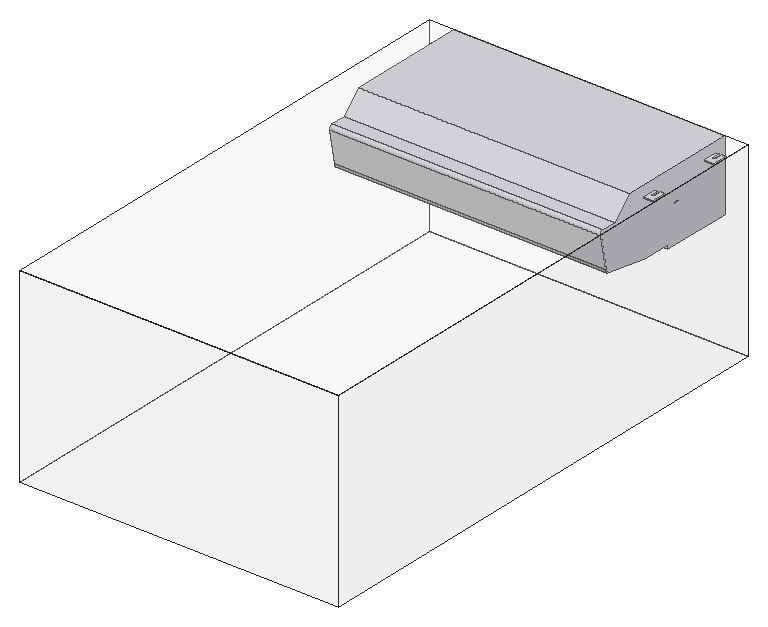
Revit family "pcfy-mp80_140hm_60hz", category 機械設備, Revit 2019
Family settings
  丸型コネクタ寸法 = 直径を使用
  パーツ タイプ = 標準
  OmniClass 番号 = 23.75.10.24.21.27.27
  OmniClass タイトル = Split System Air Conditioning Units
  作業面ベース = いいえ
  常に垂直 = はい
  ロード時にボイドで切り取り = いいえ
  共有 = いいえ
  部屋計算ポイント = はい
Parameters (values of type "PCFY-MP80HM")
  風量_強 (m3/min) = 19
  風量_弱 (m3/min) = 14
  風量_中2 (m3/min) = 16
  風量_中 (m3/min) = 17
  風量 = MAX風量  # 1140.0 m³/h
  音響パワーレベル(dB) = 57
  電源種別 = ""
  電源_H = 0 mm
  電圧 = 200 V
  電動機出力_送風機 = 0.09 kW
  運転質量 = 0.00 kg
  連動 = ""
  質量 = if(製品質量 > 運転質量, 製品質量, 運転質量) * 1.2  # 46.80 kg
  負荷分類 = 3_ファン類
  構成品番 = ""
  冷媒液管位置 = 180 mm
  冷媒ガス管位置 = 202 mm
  ドレン管径 (外径) = 32 mm
  【値が 0 の項目は組合せ形名にてご確認ください】 = ""
  MIN風量 = [風量_弱 (m3/min)] * 60.0 m³/h  # 840.0 m³/h
  MAX風量 = [風量_強 (m3/min)] * 60.0 m³/h  # 1140.0 m³/h
  サービススペース = yes
  ケーブルサイズ = 0 mm
  Version = ""
  URL = "https://www.mitsubishielectric.co.jp/ldg/wink/qr/002/357217/"
  Line = not(Width = 1136 mm)  # no
  説明 = "ビル用マルチ 天吊形室内機(厨房用)"
  設計暖房能力 = 0.00 kW
  設計冷房能力_顕熱 = 0 kW
  設計冷房能力 = 0 kW
  設置方法 = "天井吊（露出）形"
  記号 = ""
  製造元 = "三菱電機株式会社"
  製品質量 = 39.00 kg
  製品出荷対象 = "国内"
  製品リリース年月 = "2026/03/31"
  製品グループ = ""
  系統 = ""
  符号 = "ACP_CRK"
  積算_科目 = "1 空気調和設備"
  積算_拾い区分 [instance] = ""
  相 = 1
  盤記号 = ""
  発停方法 = "別売リモコン"
  特殊仕様 = ""
  火災停止 = ""
  消費電力_暖房 = 0.05 kW
  消費電力_冷房 = 0.05 kW
  消費電力 = if(消費電力_冷房 > 消費電力_暖房, 消費電力_冷房, 消費電力_暖房)  # 0.05 kW
  法定耐用年数 = "6"
  極数 = 3
  材質 = ""
  本体マテリアル = none
  有効加湿量 = 0
  暖房能力 = 9.00 kW
  推奨ブレーカー容量 = 0 A
  形式_加湿器 = ""
  形式 = "厨房用天井吊（露出）形"
  幹線記号 = ""
  始動方式 = "インバータ"
  呼称 = "マルチパッケージ形空気調和機_屋内機"
  周波数 = 60 Hz
  吊り位置Y = 320 mm
  吊り位置X = 1180 mm
  吊りボルト_H = 43 mm
  台数_手元リモコン = ""
  台数_冷媒分岐ユニット = ""
  参照している仕様書等のバージョン = "公共建築工事標準仕様書（機械設備工事編）平成31年度版"
  加湿給水管径 = 0.00 mm
  分類コード = "50053003221080"
  分類グループ = ""
  冷房能力 = 8 kW
  冷媒高低圧ガス管径 = 0.00 mm
  冷媒管径符号 = "Bd"
  冷媒管径 = 100.00 mm
  冷媒液管高さ = 165 mm
  冷媒液管径 = 9.52 mm
  冷媒ガス管高さ = 165 mm
  冷媒ガス管径 = 15.88 mm
  企業コード = "108420"
  付属品_フィルター = ""
  付属品 = ""
  モデル = "PCFY-MP80HM"
  パネルマテリアル = none
  ドレン管高さ = 254 mm
  ドレン管径 = 25.00 mm
  コメント [instance] = ""
  ケーブル種類 = ""
  Width = 1136 mm
  Uniclass2015Version = "Systems v1.9"
  Uniclass2015Title = "Split coil remote air cooled condensing units"
  Uniclass2015Code = "Pr_70_65_03_84"
  SpecificationReference = ""
  SpecificationDescription = ""
  S_H = 296 mm
  Revision = ""
  ProductInformation = ""
  OmniClassCode = "23-33 17 13 11"
  IfcTypeProduct = ""
  IfcProduct = ""
  IfcExportType = "AIRCONDITIONINGUNIT"
  IfcExportAs = "IfcUnitaryEquipmentType"
  Height = 312 mm
  Depth = 650 mm
  価格 = 0
  Clearance Top = 2 mm
  Clearance Right = 100 mm
  Clearance Left = 100 mm
  Clearance Front = 1500 mm
  Clearance Bottom = 500 mm
  Clearance Back = 0 mm
  BLCJ仕様バージョン = "2.0"
  Author = "三菱電機株式会社"
Types (2, lengths in mm): name | 風量_強 (m3/min) | 風量_弱 (m3/min) | 風量_中2 (m3/min) | 風量_中 (m3/min) | 風量 | 音響パワーレベル(dB) | 電動機出力_送風機 | 質量 | MIN風量 | MAX風量 | URL | Line | 製品質量 | 消費電力_暖房 | 消費電力_冷房 | 消費電力 | 暖房能力 | 吊り位置X | 冷房能力 | モデル | Width
  PCFY-MP80HM | 19 | 14 | 16 | 17 | 1140.0 m³/h | 57 | 0.09 kW | 46.80 kg | 840.0 m³/h | 1140.0 m³/h | "https://www.mitsubishielectric.co.jp/ldg/wink/qr/002/357217/" | no | 39.00 kg | 0.05 kW | 0.05 kW | 0.05 kW | 9.00 kW | 1180 | 8 kW | "PCFY-MP80HM" | 1136
  PCFY-MP140HM | 38 | 28 | 31 | 35 | 2280.0 m³/h | 69 | 0.16 kW | 62.40 kg | 1680.0 m³/h | 2280.0 m³/h | "https://www.mitsubishielectric.co.jp/ldg/wink/qr/002/357214/" | yes | 52.00 kg | 0.19 kW | 0.19 kW | 0.19 kW | 16.00 kW | 1564 | 14 kW | "PCFY-MP140HM" | 1520
Reference planes
  plane 1 "中心(正面/背面)": y = 0
  plane 2: z = 0
  plane 3 "中心(左/右)": x = 0
  plane 4: x = 523
  plane 5: z = 3835
  plane 6: x = 438
  plane 7: z = 3835
  plane 8: x = 463
  plane 9: z = 3746
  plane 10: x = 668
  plane 11: x = 568
  plane 12: x = -668
  plane 13: x = -568
  plane 14: y = -650
  plane 15: z = -280
  plane 16: y = -2150
  plane 17: x = -590
  plane 18: x = 590
  plane 19: z = -796
  plane 20 "下面": z = -296
  plane 21: x = 558.3
  plane 22: y = -80
  plane 23: y = -400
  plane 24: y = -330
  plane 25: y = -202
  plane 26: y = -180
  plane 27: y = -70
  plane 28: z = -43
  plane 29: z = -165
  plane 30: z = -254
  plane 31: x = 523
  plane 32: x = 438
  plane 33: x = 463
  plane 34: x = 463
  plane 35: z = 3746
  plane 36: z = 2
  plane 37: z = -95
  plane 38: z = -165
  plane 39: z = -312
Forms (mm)
  Extrusion 1, solid, detail levels fine
    sketch origin (0, -325, -4000) x (0, 1, 0) y (0, 0, 1)
      loop
        line (325, 4000) -> (-171.734, 4000) -> (-246.938, 3924.796) -> (-313.202, 3924.796)
        arc (-313.202, 3924.796) -> (-322.395, 3920.509) -> (-325.02, 3910.712) r 12
        line (-325.02, 3910.712) -> (-299.97, 3768.648)
        arc (-299.97, 3768.648) -> (-294.972, 3759.046) -> (-285.369, 3754.047) r 18
        line (-285.369, 3754.047) -> (-92.277, 3720) -> (30.069, 3720) -> (30.069, 3704) -> (325, 3704) -> (325, 4000)
    from -568 to 568
  Extrusion 2, solid, detail levels fine
    sketch origin (0, 0, 0) x (0, 0, -1) y (-1, 0, 0)
      loop
        circle (166.005, -523) r 7.94
    from -325 to -197
  Extrusion 3, solid, detail levels fine
    sketch origin (0, 0, 0) x (0, 0, -1) y (-1, 0, 0)
      loop
        circle (166.005, -438) r 4.76
    from -180 to -325
  Extrusion 4, solid, detail levels fine
    sketch origin (0, 0, 0) x (0, 0, -1) y (-1, 0, 0)
      loop
        circle (255.005, -463) r 16
    from -70 to -325
  Extrusion 5, solid, detail levels fine
    sketch origin (0, 0, -4000) x (1, 0, 0) y (0, 1, 0)
      loop
        line (568, -370) -> (568, -430) -> (612, -430) -> (612, -370) -> (595, -370) -> (595, -400)
        arc (595, -400) -> (590, -405) -> (585, -400) r 5
        line (585, -400) -> (585, -370) -> (568, -370)
    from 3954.5 to 3959.5
  Extrusion 6, solid, detail levels fine
    sketch origin (0, 320, -4000) x (1, 0, 0) y (0, 1, 0)
      loop
        line (568, -370) -> (568, -430) -> (612, -430) -> (612, -370) -> (595, -370) -> (595, -400)
        arc (595, -400) -> (590, -405) -> (585, -400) r 5
        line (585, -400) -> (585, -370) -> (568, -370)
    from 3954.5 to 3959.5
  Extrusion 7, solid, detail levels fine
    sketch origin (-1180, 0, -4000) x (1, 0, 0) y (0, 1, 0)
      loop
        line (568, -370) -> (568, -430) -> (612, -430) -> (612, -370) -> (595, -370) -> (595, -400)
        arc (595, -400) -> (590, -405) -> (585, -400) r 5
        line (585, -400) -> (585, -370) -> (568, -370)
    from 3954.5 to 3959.5
  Extrusion 8, solid, detail levels fine
    sketch origin (-1180, 320, -4000) x (1, 0, 0) y (0, 1, 0)
      loop
        line (568, -370) -> (568, -430) -> (612, -430) -> (612, -370) -> (595, -370) -> (595, -400)
        arc (595, -400) -> (590, -405) -> (585, -400) r 5
        line (585, -400) -> (585, -370) -> (568, -370)
    from 3954.5 to 3959.5
  Extrusion 9, solid, detail levels fine
    sketch origin (-3.482, 0, 0) x (1, 0, 0) y (0, 0, 1)
      loop
        circle (483.982, -165) r 50
    from 0 to 5
  Extrusion 10, solid, detail levels fine
    sketch origin (0, 160, 0) x (0, 0, -1) y (-1, 0, 0)
      loop
        circle (254.005, -463) r 16
    from -290 to -160
  Extrusion 11, solid
    sketch origin (0, 0, -296) x (-1, 0, 0) y (0, -1, 0)
      loop
        circle (-192, 243) r 12.5
    from 0 to -16
  Extrusion 12, solid
    sketch origin (-384, 0, -296) x (-1, 0, 0) y (0, -1, 0)
      loop
        circle (-192, 243) r 12.5
    from 0 to -16
Lines and regions (mm)
  model lines, detail levels fine
    curve 1: line (-493, -647.647, -102.744) -> (-493, -628.546, -211.073)
    curve 2: line (493, -647.647, -102.744) -> (493, -628.546, -211.073)
    curve 3: line (-493, -647.647, -102.744) -> (493, -647.647, -102.744)
    curve 4: line (493, -628.546, -211.073) -> (-493, -628.546, -211.073)
Dimensions and locks
  equal spacing: plane 13, plane 3 "中心(左/右)", plane 11
  "Width": plane 13 to plane 11
  "Clearance Right": plane 11 to plane 10
  "Clearance Left": plane 12 to plane 13
  "Depth": plane 14 to plane 1 "中心(正面/背面)"
  "Clearance Front": plane 16 to plane 14
  equal spacing: plane 17, plane 3 "中心(左/右)", plane 18
  "吊り位置X": plane 17 to plane 18
  "S_H": level to plane 20 "下面"
  locked: plane 21 to plane 11 at 9.7
  locked: plane 22 to plane 1 "中心(正面/背面)" at 80
  "吊り位置Y": plane 22 to plane 23
  "冷媒液管位置": plane 26 to plane 1 "中心(正面/背面)"  (x2)
  "冷媒ガス管位置": plane 25 to plane 1 "中心(正面/背面)"  (x2)
  plane 24 to plane 25 = 128 mm
  plane 24 to plane 26 = 150 mm
  "Clearance Bottom": plane 20 "下面" to plane 19
  "吊りボルト_H": level to plane 28
  level to plane 29 = 165 mm
  level to plane 30 = 254 mm
  plane 31 to plane 11 = 45 mm
  plane 32 to plane 31 = 85 mm
  plane 33 to plane 11 = 105 mm
  "Clearance Back": plane 1 "中心(正面/背面)" to nested 1
  equal spacing: plane 32, Extrusion 9 sketch curve, plane 31
  "Clearance Top": plane 36 to plane 2
  "冷媒ガス管高さ": plane 2 to plane 29
  "冷媒液管高さ": Extrusion 1 to plane 38
  "Height": plane 2 to plane 39
  "冷媒液管径": diameter of Extrusion 3 sketch curve
  "冷媒ガス管径": diameter of Extrusion 2 sketch curve
  "ドレン管径 (外径)": diameter of Extrusion 4 sketch curve
  "ドレン管径 (外径)": diameter of Extrusion 10 sketch curve
  aligned and locked: level to plane 2
  aligned and locked: plane 11 to Extrusion 1
  aligned and locked: plane 13 to Extrusion 1
  aligned and locked: plane 12 to nested 1
  aligned and locked: nested 1 to plane 10
  aligned and locked: plane 17 to nested 2
  aligned and locked: nested 2 to plane 18
  aligned and locked: plane 20 "下面" to Extrusion 1
  aligned and locked: plane 21 to nested 3
  aligned and locked: nested 1 to plane 16
  aligned and locked: plane 22 to nested 2
  aligned and locked: plane 23 to nested 2
  aligned and locked: plane 1 "中心(正面/背面)" to nested 1
  aligned and locked: plane 36 to nested 1
  aligned and locked: plane 26 to Extrusion 3
  aligned and locked: plane 19 to nested 1
  aligned and locked: Extrusion 1 to nested 3
Automatic sketch dimensions
  Extrusion 1 sketch curve to level = 0 mm
  Extrusion 1 sketch curve to plane 15 = 0 mm
  Extrusion 1 sketch curve to plane 20 "下面" = 0 mm
  Extrusion 1 sketch curve to plane 1 "中心(正面/背面)" = 0 mm
  plane 24 to Extrusion 1 sketch curve = 35.069 mm
  Extrusion 1 sketch curve to plane 23 = 17.277 mm
  Extrusion 1 sketch curve to plane 23 = 96.734 mm
  plane 37 to Extrusion 1 sketch curve = 19.796 mm
  plane 14 to Extrusion 1 sketch curve = 78.062 mm
  plane 14 to Extrusion 1 sketch curve = 42.756 mm
  plane 30 to Extrusion 1 sketch curve = 8.047 mm
  Extrusion 1 sketch curve to Extrusion 1 sketch curve = 3.126 mm
  Extrusion 1 sketch curve to Extrusion 1 sketch curve = 17.727 mm
  plane 14 to Extrusion 1 sketch curve = 11.798 mm
  Extrusion 1 sketch curve to plane 14 = 0.02 mm
  Extrusion 1 sketch curve to Extrusion 1 sketch curve = 14.601 mm
  plane 37 to Extrusion 1 sketch curve = 5.712 mm
  Extrusion 1 to curve 3 = 13.664 mm
  curve 2 to Extrusion 1 = 20.591 mm
  Extrusion 1 to curve 1 = 75 mm
  Extrusion 1 to curve 3 = 75 mm
  Extrusion 5 sketch curve to plane 11 = 0 mm
  Extrusion 5 sketch curve to plane 23 = 0 mm
  Extrusion 5 sketch curve to plane 18 = 0 mm
  plane 18 to Extrusion 5 sketch curve = 5 mm
  Extrusion 5 sketch curve to plane 18 = 22 mm
  Extrusion 5 sketch curve to plane 23 = 30 mm
  plane 23 to Extrusion 5 sketch curve = 30 mm
  Extrusion 5 sketch curve to Extrusion 5 sketch curve = 0 mm
  Extrusion 6 sketch curve to plane 11 = 0 mm
  Extrusion 6 sketch curve to plane 22 = 0 mm
  Extrusion 6 sketch curve to plane 18 = 0 mm
  plane 18 to Extrusion 6 sketch curve = 5 mm
  Extrusion 6 sketch curve to plane 18 = 22 mm
  Extrusion 6 sketch curve to plane 22 = 30 mm
  plane 27 to Extrusion 6 sketch curve = 20 mm
  Extrusion 6 sketch curve to Extrusion 6 sketch curve = 0 mm
  Extrusion 7 sketch curve to plane 23 = 0 mm
  Extrusion 7 sketch curve to plane 17 = 0 mm
  Extrusion 7 sketch curve to plane 13 = 0 mm
  Extrusion 7 sketch curve to plane 17 = 5 mm
  Extrusion 7 sketch curve to plane 17 = 22 mm
  Extrusion 7 sketch curve to plane 23 = 30 mm
  plane 23 to Extrusion 7 sketch curve = 30 mm
  Extrusion 7 sketch curve to Extrusion 7 sketch curve = 0 mm
  Extrusion 8 sketch curve to plane 22 = 0 mm
  Extrusion 8 sketch curve to plane 17 = 0 mm
  Extrusion 8 sketch curve to plane 13 = 0 mm
  Extrusion 8 sketch curve to plane 17 = 5 mm
  Extrusion 8 sketch curve to plane 17 = 22 mm
  Extrusion 8 sketch curve to plane 22 = 30 mm
  plane 27 to Extrusion 8 sketch curve = 20 mm
  Extrusion 8 sketch curve to Extrusion 8 sketch curve = 0 mm
  Extrusion 9 sketch curve to plane 29 = 0 mm
  Extrusion 12 sketch curve to plane 3 "中心(左/右)" = 192 mm
  plane 3 "中心(左/右)" to Extrusion 11 sketch curve = 192 mm
  Extrusion 11 sketch curve to plane 25 = 41 mm
  Extrusion 12 sketch curve to plane 25 = 41 mm
  Extrusion 1 to Extrusion 2 sketch curve = 45 mm
  Extrusion 2 sketch curve to Extrusion 1 = 129.995 mm
  Extrusion 3 sketch curve to Extrusion 1 = 129.995 mm
  Extrusion 1 to Extrusion 3 sketch curve = 130 mm
  Extrusion 4 sketch curve to Extrusion 1 = 40.995 mm
  Extrusion 1 to Extrusion 4 sketch curve = 105 mm
  plane 33 to Extrusion 10 sketch curve = 0 mm
  Extrusion 10 sketch curve to plane 30 = 0.005 mm
  radius of Extrusion 9 sketch curve = 50 mm
  radius of Extrusion 11 sketch curve = 12.5 mm
  radius of Extrusion 12 sketch curve = 12.5 mm
Nested families
  nested 1: "サービススペース" at (0, -1075, -397), visible <- "サービススペース", type "サービススペース"
    with Width 1336 mm, Height 798 mm, Depth 2150 mm
  nested 2: "固定点" at (-590, -400, 0), type "固定点"
    with W 1180 mm, D 320 mm
  nested 3: "吸込口" at (-192, 0, -4000), Width <- "Width", type "吸込口"
    with Width 1136 mm, Line no
Connectors
  piping at (480.5, 0, -165), diameter 100, driven by "冷媒管径", driven by "冷媒管径符号"
    settings: on Extrusion 9, index 1, connector inside diameter 609.60 mm, connector length 0 mm, flow factor 0, pipe flow 0.0 L/s, pressure drop 0.0 Pa, fitting loss kfactor 0, connector angle 0.00°, fixture units 0, engagement length 0 mm, angle of deflection 0.00°, flow configuration 1, flow direction 1, fitting loss method 4, system type 7, joint type 0, gender type 0, connector reference index -1, connector utility 0, adjustable connector no, is connector primary yes, connector description "Bd"
  piping at (463, -130, -254.005), diameter 32, driven by "ドレン管径 (外径)"
    settings: on Extrusion 10, index 2, connector inside diameter 609.60 mm, connector length 0 mm, flow factor 0, pipe flow 0.0 L/s, pressure drop 0.0 Pa, fitting loss kfactor 0, connector angle 0.00°, fixture units 0, engagement length 0 mm, angle of deflection 0.00°, flow configuration 1, flow direction 2, fitting loss method 4, system type 16, joint type 0, gender type 0, connector reference index -1, connector utility 0, adjustable connector no, is connector primary no, connector description ""
  electrical at (0, 0, -148), driven by "極数", driven by "負荷分類", driven by "電圧", driven by "消費電力"
    settings: on Extrusion 1, index 3, voltage 200 V, apparent load 50 VA, apparent load phase1 0 VA, apparent load phase2 0 VA, apparent load phase3 0 VA, power factor 1, load classification "3_ファン類", number of poles 3, system type 30, power factor state 1, is connector primary yes, connector utility no, sub classification motor no, connector description ""
Definition of nested family "サービススペース"
  Parameters (values of type "サービススペース")
    Width [instance] = 500 mm
    Height [instance] = 500 mm
    Depth [instance] = 500 mm
  Reference planes
    plane 1 "中心(正面/背面)": y = 0
    plane 2: z = 0
    plane 3 "中心(左/右)": x = 0
    plane 4: y = -250
    plane 5: x = 250
    plane 6: y = 250
    plane 7: x = -250
    plane 8: z = 250
    plane 9: z = -250
  Forms (mm)
    Extrusion 1, solid
      sketch origin (-638.939, 0, 72.39) x (1, 0, 0) y (0, 1, 0)
        loop
          line (388.939, 250) -> (388.939, -250) -> (888.939, -250) -> (888.939, 250) -> (388.939, 250)
      from -322.39 to 177.61
  Lines and regions (mm)
    symbolic lines
      curve 1: line (-250, 0, 250) -> (250, 0, 250)
      curve 2: line (-250, 0, -250) -> (-250, 0, 250)
      curve 3: line (250, 0, -250) -> (-250, 0, -250)
      curve 4: line (250, 0, 250) -> (250, 0, -250)
      curve 5: line (0, -250, 250) -> (0, 250, 250)
      curve 6: line (0, -250, -250) -> (0, -250, 250)
      curve 7: line (0, 250, -250) -> (0, -250, -250)
      curve 8: line (0, 250, 250) -> (0, 250, -250)
      curve 9: line (-250, 250, 0) -> (250, 250, 0)
      curve 10: line (-250, -250, 0) -> (-250, 250, 0)
      curve 11: line (250, -250, 0) -> (-250, -250, 0)
      curve 12: line (250, 250, 0) -> (250, -250, 0)
  Dimensions and locks
    equal spacing: plane 7, plane 3 "中心(左/右)", plane 5
    equal spacing: plane 4, plane 1 "中心(正面/背面)", plane 6
    "Depth": plane 4 to plane 6
    "Width": plane 7 to plane 5
    equal spacing: plane 8, plane 2, plane 9
    "Height": plane 8 to plane 9
    aligned and locked: plane 9 to curve 3
    aligned and locked: plane 7 to curve 2
    aligned and locked: curve 4 to plane 5
    aligned and locked: plane 5 to Extrusion 1
    aligned and locked: Extrusion 1 to plane 7
    aligned and locked: Extrusion 1 to plane 9
    aligned and locked: plane 8 to Extrusion 1
    aligned and locked: plane 9 to curve 7
  Automatic sketch dimensions
    plane 4 to Extrusion 1 sketch curve = 0 mm
    Extrusion 1 sketch curve to plane 7 = 0 mm
    Extrusion 1 sketch curve to plane 5 = 0 mm
    plane 6 to Extrusion 1 sketch curve = 0 mm
    curve 2 to plane 8 = 0 mm
    plane 4 to curve 11 = 0 mm
    curve 11 to plane 7 = 0 mm
    curve 11 to plane 5 = 0 mm
    plane 6 to curve 10 = 0 mm
    curve 7 to plane 4 = 0 mm
    curve 7 to plane 6 = 0 mm
    curve 6 to plane 8 = 0 mm
Definition of nested family "固定点"
  Parameters (values of type "固定点")
    中心円 = 20 mm
    W [instance] = 1000 mm
    D [instance] = 1000 mm
  Reference planes
    plane 1 "中心(正面/背面)": y = 0
    plane 2: z = 0
    plane 3 "中心(左/右)": x = 0
    plane 4: x = 1000
    plane 5: y = 1000
  Lines and regions (mm)
    symbolic lines, detail levels fine
      curve 1: circle (0, 1000, 0) r 10 normal (0, 0, 1)
      curve 2: circle (0, 0, 0) r 10 normal (0, 0, 1)
      curve 3: circle (1000, 1000, 0) r 10 normal (0, 0, 1)
      curve 4: circle (1000, 0, 0) r 10 normal (0, 0, 1)
      curve 5: line (-200, 1000, 0) -> (1200, 1000, 0)
      curve 6: line (-200, 0, 0) -> (1200, 0, 0)
      curve 7: line (0, 1200, 0) -> (0, -200, 0)
      curve 8: line (1000, 1200, 0) -> (1000, -200, 0)
  Dimensions and locks
    "W": plane 3 "中心(左/右)" to plane 4
    "D": plane 1 "中心(正面/背面)" to plane 5
    "中心円": diameter of curve 1
    "中心円": diameter of curve 2
    "中心円": diameter of curve 3
    "中心円": diameter of curve 4
    aligned and locked: level to plane 2
    aligned and locked: plane 5 to curve 1
    aligned and locked: plane 3 "中心(左/右)" to curve 1
    aligned and locked: plane 3 "中心(左/右)" to curve 2
    aligned and locked: plane 1 "中心(正面/背面)" to curve 2
    aligned and locked: plane 4 to curve 3
    aligned and locked: plane 5 to curve 3
    aligned and locked: plane 1 "中心(正面/背面)" to curve 4
    aligned and locked: plane 4 to curve 4
    aligned and locked: plane 1 "中心(正面/背面)" to curve 6
    aligned and locked: curve 7 to plane 3 "中心(左/右)"
    aligned and locked: curve 8 to plane 4
  Automatic sketch dimensions
    curve 5 to plane 5 = 0 mm
    curve 6 to plane 3 "中心(左/右)" = 200 mm
    curve 5 to plane 3 "中心(左/右)" = 200 mm
    curve 4 to curve 6 = 200 mm
    curve 3 to curve 5 = 200 mm
    plane 1 "中心(正面/背面)" to curve 8 = 200 mm
    plane 1 "中心(正面/背面)" to curve 7 = 200 mm
    curve 3 to curve 8 = 200 mm
    curve 1 to curve 7 = 200 mm
Definition of nested family "吸込口"
  Parameters (values of type "吸込口")
    Width [instance] = 1136 mm
    Line [instance] = not(Width = 1136 mm)  # no
  Reference planes
    plane 1 "Center (Front/Back)": y = 0
    plane 2: z = 0
    plane 3 "Center (Left/Right)": x = 0
  Lines and regions (mm)
    model lines, visible <- "Line", detail levels fine
      curve 1: line (-376.3, -289.931, 3705) -> (-376.3, 0, 3705)
      curve 12: line (-391.3, 0, 3705) -> (-391.3, -289.931, 3705)
      curve 13: line (-750.3, -274.931, 3705) -> (-750.3, -15, 3705)
      curve 14: line (-401.3, -15, 3705) -> (-401.3, -274.931, 3705)
      curve 15: line (-750.3, -15, 3705) -> (-401.3, -15, 3705)
      curve 16: line (-401.3, -274.931, 3705) -> (-750.3, -274.931, 3705)
      curve 17: line (-750.3, -54.429, 3705) -> (-595.903, -274.931, 3705)
      curve 18: line (-401.3, -55, 3705) -> (-555.297, -274.931, 3705)
      curve 19: line (-750.3, -235.571, 3705) -> (-595.854, -15, 3705)
      curve 20: line (-401.3, -235, 3705) -> (-555.346, -15, 3705)
      curve 21: line (-750.3, -274.931, 3705) -> (-750.3, -15, 3705)
      curve 40: line (750.3, -274.931, 3705) -> (750.3, -15, 3705)
    model lines, detail levels fine
      curve 2: line (-7.7, 0, 3705) -> (-7.7, -289.931, 3705)
      curve 3: line (-366.3, -274.931, 3705) -> (-366.3, -15, 3705)
      curve 4: line (-17.7, -15, 3705) -> (-17.7, -274.931, 3705)
      curve 5: line (-366.3, -15, 3705) -> (-17.7, -15, 3705)
      curve 6: line (-17.7, -274.931, 3705) -> (-366.3, -274.931, 3705)
      curve 7: line (-366.3, -55, 3705) -> (-212.303, -274.931, 3705)
      curve 8: line (-17.7, -55, 3705) -> (-171.697, -274.931, 3705)
      curve 9: line (-366.3, -235, 3705) -> (-212.254, -15, 3705)
      curve 10: line (-17.7, -235, 3705) -> (-171.746, -15, 3705)
      curve 11: line (7.3, -289.931, 3705) -> (7.3, 0, 3705)
      curve 22: line (376.3, -289.931, 3705) -> (376.3, 0, 3705)
      curve 23: line (366.3, -274.931, 3705) -> (366.3, -15, 3705)
      curve 24: line (17.7, -15, 3705) -> (17.7, -274.931, 3705)
      curve 25: line (366.3, -15, 3705) -> (17.7, -15, 3705)
      curve 26: line (17.7, -274.931, 3705) -> (366.3, -274.931, 3705)
      curve 27: line (366.3, -55, 3705) -> (212.303, -274.931, 3705)
      curve 28: line (17.7, -55, 3705) -> (171.697, -274.931, 3705)
      curve 29: line (366.3, -235, 3705) -> (212.254, -15, 3705)
      curve 30: line (17.7, -235, 3705) -> (171.746, -15, 3705)
      curve 31: line (391.3, 0, 3705) -> (391.3, -289.931, 3705)
      curve 32: line (750.3, -274.931, 3705) -> (750.3, -15, 3705)
      curve 33: line (401.3, -15, 3705) -> (401.3, -274.931, 3705)
      curve 34: line (750.3, -15, 3705) -> (401.3, -15, 3705)
      curve 35: line (401.3, -274.931, 3705) -> (750.3, -274.931, 3705)
      curve 36: line (750.3, -54.429, 3705) -> (595.903, -274.931, 3705)
      curve 37: line (401.3, -55, 3705) -> (555.297, -274.931, 3705)
      curve 38: line (750.3, -235.571, 3705) -> (595.854, -15, 3705)
      curve 39: line (401.3, -235, 3705) -> (555.346, -15, 3705)
  Dimensions and locks
    aligned and locked: level to plane 2
